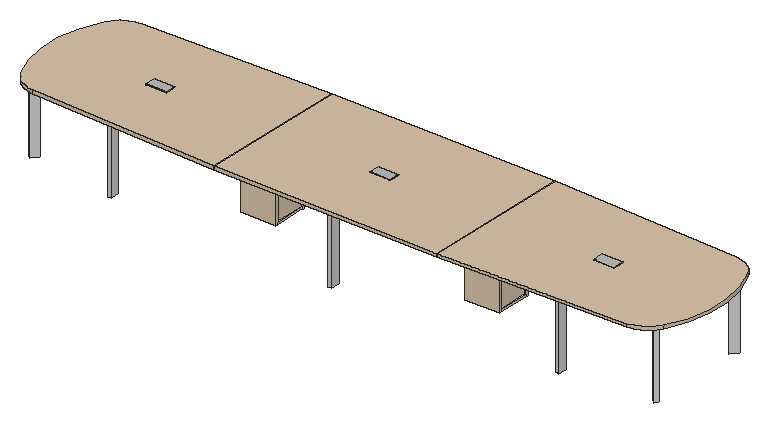
Revit family "Haworth_Planes_ConferenceTable_PebbleThreePiece", category Furniture Systems, Revit 2018
Family settings
  Round Connector Dimension = Use Diameter
  Part Type = Normal
  OmniClass Number = 23.40.70.14.64.21
  OmniClass Title = Systems Furniture
  Work Plane-Based = No
  Always vertical = Yes
  Cut with Voids When Loaded = No
  Shared = No
  Room Calculation Point = No
Parameters (values of type "270w 60d")
  Worksurface Finish [instance] = Haworth _ Laminate _ Maple H-AE
  Worksurface Edge Finish [instance] = Haworth _ Laminate _ Maple H-AE
  Width = 270"
  Warranty = "http://www.haworth.com/resources/product-info/warranties"
  URL - Product = "http://www.haworth.com/products/tables/conference/planes"
  Trim Finish [instance] = Haworth _ Metal _ Brushed Aluminum
  Sustainability Info = "https://www.haworth.com/company-info/sustainability"
  Support Location Side = 10"  # constant formula
  Support Location FrontBack = 8 3/4"  # constant formula
  Opening Single Wide = no
  Opening Single = not(or(Opening Single Wide, Opening Double, Opening Double Wide))  # yes
  Opening Left/Right = not(Opening Center)  # no
  Opening Double Wide = no
  Opening Double = no
  Opening Center = yes
  Not Cable Base = not(Cable Base)  # no
  Model = "TARP"  # constant formula
  Min. Depth = 42"  # constant formula
  Side Middle Leg Control = Actual Width > 221"  # yes
  Middle Leg Control = not(and(Not Cable Base, Actual Width < 204"))  # yes
  Max. Depth = 60"  # constant formula
  URL = "www.haworth.com"
  Support Height = Actual Height - Table Thickness  # 27 13/16"
  Size [instance] = "Verify Final Dim. w/ Haworth"  # constant formula
  Revision Number = "1"  # constant formula
  Min/Max Width = "186-270 @ 6 in. increments"  # constant formula
  Standard Height = "29 in."  # constant formula
  Min. Width = 186"  # constant formula
  Max. Width = 270"  # constant formula
  Min. Height = 29"  # constant formula
  Max. Height = 29"  # constant formula
  Manufacturer = "Haworth"  # constant formula
  Third Width = Actual Width / 6  # 45"
  Fliptop Width = Cutout Width + 1/4"  # 8 1/4"
  Fliptop Side Vis. = and(Flip Top, [Opening Left/Right])  # no
  Fliptop Depth = Cutout Depth + 3/8"  # 4 3/8"
  Fliptop Center Vis. = and(Flip Top, Opening Center)  # yes
  Flip Top Finish = Haworth _ Paint _ Metallic Champagne
  Flip Top = yes
  Description = "Haworth Planes Conference Table - Pebble Three Piece - 270w 60d"
  Depth = 60"
  Cutout Width = if(or(Opening Single Wide, Opening Double Wide), 11", 8")  # 8"
  Cutout Side Offset = Actual Width / 12  # 22 1/2"
  Cutout Depth = if(or(Opening Double, Opening Double Wide), 7 11/16", 4")  # 4"
  Custom Size = not(and(or(Depth = 42", Depth = 48", Depth = 54", Depth = 60"), or(Width = 186", Width = 192", Width = 198", Width = 204", Width = 210", Width = 216", Width = 222", Width = 228", Width = 234", Width = 240", Width = 246", Width = 252", Width = 258", Width = 264", Width = 270")))  # no
  Center Leg Control = Not Cable Base  # no
  Cable Base Finish [instance] = Haworth _ Laminate _ Maple H-AE
  Cable Base = yes
  Author = "Haworth (Alias)"  # constant formula
  Assembly Code = "E2020200"
  Actual Width = if(Width > Max. Width, Max. Width, if(Width < Min. Width, Min. Width, Width))  # 270"
  Actual Height = 29"  # constant formula
  Table Thickness = 1 3/16"  # constant formula
  Standard Depths = "42, 48, 54, 60 in."  # constant formula
  Actual Depth = if(Depth > Max. Depth, Max. Depth, if(Depth < Min. Depth, Min. Depth, Depth))  # 60"
Reference planes (in)
  plane 1 "Center F/B": y = 8.84134
  plane 2 "Floor": z = 0
  plane 3 "Center L/R": x = 0
  plane 4 "Table Edge Left": x = -135
  plane 5 "Table Edge Right": x = 135
  plane 6 "Table Edge Back": y = -21.15866
  plane 7 "Table Edge Front": y = 38.84134
  plane 8 "Table Top": z = 29
  plane 9 "masking region": z = 27
  plane 10 "Left Middle Support": x = -90
  plane 11 "Right Middle Support": x = 90
  plane 12 "Ends Back Support Location": y = 30.09134
  plane 13 "Ends Front Support Location": y = -12.40866
  plane 14: z = 27.8125
  plane 15 "Left Seam": x = -45
  plane 16 "Right Seam": x = 45
  plane 17 "Leg 1": x = -125
  plane 18 "Leg 6": x = 125
  plane 19 "Back Leg 2": y = 34.40384
  plane 20 "Front Leg": y = -16.72116
  plane 21 "Back Leg 1": y = 36.09134
  plane 22 "Front Leg 1": y = -18.40866
  plane 23 "Fliptop Left 1": x = -112.5
  plane 24 "Fliptop Left2": x = -67.5
  plane 25 "Fliptop Left 3": x = -22.5
  plane 26 "Fliptop Right 3": x = 22.5
  plane 27 "Fliptop Right 2": x = 67.5
  plane 28 "Fliptop Right 1": x = 112.5
Dimensions and locks (in)
  "Actual Depth": plane 7 "Table Edge Front" to plane 6 "Table Edge Back"
  "Actual Width": plane 4 "Table Edge Left" to plane 5 "Table Edge Right"
  "Actual Height": plane 8 "Table Top" to level
  "Table Thickness": plane 8 "Table Top" to plane 14
  equal spacing: plane 4 "Table Edge Left", plane 10 "Left Middle Support", plane 15 "Left Seam", plane 3 "Center L/R", plane 16 "Right Seam", plane 11 "Right Middle Support", plane 5 "Table Edge Right"
  "Support Location Side": plane 4 "Table Edge Left" to plane 17 "Leg 1"
  "Support Location Side": plane 18 "Leg 6" to plane 5 "Table Edge Right"
  "Support Location FrontBack": plane 7 "Table Edge Front" to plane 12 "Ends Back Support Location"
  "Support Location FrontBack": plane 13 "Ends Front Support Location" to plane 6 "Table Edge Back"
  equal spacing: plane 7 "Table Edge Front", plane 1 "Center F/B", plane 6 "Table Edge Back"
  locked: plane 22 "Front Leg 1" to plane 6 "Table Edge Back" at 2.75
  locked: plane 21 "Back Leg 1" to plane 7 "Table Edge Front" at 2.75
  locked: plane 7 "Table Edge Front" to plane 19 "Back Leg 2" at 4.4375
  locked: plane 20 "Front Leg" to plane 6 "Table Edge Back" at 4.4375
  "Cutout Side Offset": plane 16 "Right Seam" to plane 27 "Fliptop Right 2"
  "Cutout Side Offset": plane 26 "Fliptop Right 3" to plane 16 "Right Seam"
  "Cutout Side Offset": plane 15 "Left Seam" to plane 25 "Fliptop Left 3"
  "Cutout Side Offset": plane 24 "Fliptop Left2" to plane 15 "Left Seam"
  "Cutout Side Offset": plane 4 "Table Edge Left" to plane 23 "Fliptop Left 1"
  "Cutout Side Offset": plane 28 "Fliptop Right 1" to plane 5 "Table Edge Right"
  aligned and locked: plane 17 "Leg 1" to nested 1
  aligned and locked: nested 2 to plane 17 "Leg 1"
  aligned and locked: plane 18 "Leg 6" to nested 3
  aligned and locked: nested 4 to plane 18 "Leg 6"
  aligned and locked: nested 11 to plane 11 "Right Middle Support"
  aligned and locked: nested 14 to plane 16 "Right Seam"
  aligned and locked: plane 3 "Center L/R" to nested 9
  aligned and locked: plane 15 "Left Seam" to nested 7
  aligned and locked: plane 10 "Left Middle Support" to nested 5
  aligned and locked: plane 10 "Left Middle Support" to nested 6
  aligned and locked: plane 15 "Left Seam" to nested 8
  aligned and locked: plane 3 "Center L/R" to nested 10
  aligned and locked: nested 13 to plane 16 "Right Seam"
  aligned and locked: nested 12 to plane 11 "Right Middle Support"
  aligned and locked: plane 1 "Center F/B" to nested 15
  aligned and locked: plane 1 "Center F/B" to nested 16
  aligned and locked: nested 16 to plane 16 "Right Seam"
  aligned and locked: plane 15 "Left Seam" to nested 15
  aligned and locked: nested 1 to plane 2 "Floor"
  aligned and locked: plane 2 "Floor" to nested 2  (x3)
  aligned and locked: plane 2 "Floor" to nested 1  (x2)
  aligned and locked: nested 5 to plane 2 "Floor"
  aligned and locked: nested 6 to plane 2 "Floor"
  aligned and locked: plane 2 "Floor" to nested 5
  aligned and locked: plane 2 "Floor" to nested 6
  aligned and locked: nested 15 to plane 2 "Floor"  (x2)
  aligned and locked: plane 2 "Floor" to nested 15  (x2)
  aligned and locked: nested 10 to plane 2 "Floor"
  aligned and locked: plane 2 "Floor" to nested 9
  aligned and locked: plane 2 "Floor" to nested 10
  aligned and locked: nested 16 to plane 2 "Floor"
  aligned and locked: plane 2 "Floor" to nested 14
  aligned and locked: plane 2 "Floor" to nested 11
  aligned and locked: plane 2 "Floor" to nested 12
  aligned and locked: nested 4 to plane 2 "Floor"  (x3)
  aligned and locked: plane 2 "Floor" to nested 3
  aligned and locked: nested 3 to plane 2 "Floor"  (x2)
  aligned and locked: nested 3 to plane 12 "Ends Back Support Location"
  aligned and locked: plane 13 "Ends Front Support Location" to nested 4
  aligned and locked: nested 1 to plane 13 "Ends Front Support Location"
  aligned and locked: plane 12 "Ends Back Support Location" to nested 2
  aligned and locked: plane 22 "Front Leg 1" to nested 7
  aligned and locked: plane 22 "Front Leg 1" to nested 9
  aligned and locked: nested 14 to plane 22 "Front Leg 1"
  aligned and locked: nested 12 to plane 19 "Back Leg 2"
  aligned and locked: nested 13 to plane 21 "Back Leg 1"
  aligned and locked: plane 21 "Back Leg 1" to nested 10
  aligned and locked: nested 8 to plane 21 "Back Leg 1"
  aligned and locked: nested 6 to plane 19 "Back Leg 2"
  aligned and locked: plane 28 "Fliptop Right 1" to nested 19
  aligned and locked: plane 1 "Center F/B" to nested 19
  aligned and locked: nested 18 to plane 11 "Right Middle Support"
  aligned and locked: plane 1 "Center F/B" to nested 18
  aligned and locked: nested 20 to plane 27 "Fliptop Right 2"
  aligned and locked: plane 1 "Center F/B" to nested 20
  aligned and locked: plane 1 "Center F/B" to nested 21
  aligned and locked: plane 26 "Fliptop Right 3" to nested 21
  aligned and locked: plane 3 "Center L/R" to nested 22
  aligned and locked: plane 1 "Center F/B" to nested 22
  aligned and locked: plane 25 "Fliptop Left 3" to nested 23
  aligned and locked: plane 1 "Center F/B" to nested 23
  aligned and locked: plane 24 "Fliptop Left2" to nested 24
  aligned and locked: plane 1 "Center F/B" to nested 24
  aligned and locked: plane 10 "Left Middle Support" to nested 25
  aligned and locked: plane 1 "Center F/B" to nested 25
  aligned and locked: nested 26 to plane 23 "Fliptop Left 1"
  aligned and locked: plane 1 "Center F/B" to nested 26
  aligned and locked: nested 17 to plane 3 "Center L/R"
  aligned and locked: nested 17 to plane 1 "Center F/B"
  aligned and locked: nested 17 to plane 2 "Floor"
  aligned and locked: plane 20 "Front Leg" to nested 5
  aligned and locked: nested 11 to plane 20 "Front Leg"
Nested families (in)
  nested 1: "Haworth_Worksurface-Support_Part-Leg" at (-133.5, 10.45565, 0), type "Support"
  nested 2: "Haworth_Worksurface-Support_Part-Leg" at (-133.5, 7.22703, 0), type "Support"
  nested 3: "Haworth_Worksurface-Support_Part-Leg" at (133.5, 7.22703, 0) x (-1, 0, 0) z (0, 0, 1), type "Support"
  nested 4: "Haworth_Worksurface-Support_Part-Leg" at (133.5, 10.45565, 0) x (-1, 0, 0) z (0, 0, 1), type "Support"
  nested 5: "Haworth_Worksurface-Support_Part-Leg" at (-98.5, 6.14315, 0), visible <- "Side Middle Leg Control", type "Middle Support"
  nested 6: "Haworth_Worksurface-Support_Part-Leg" at (-98.5, 54.01815, 0), visible <- "Side Middle Leg Control", type "Middle Support"
  nested 7: "Haworth_Worksurface-Support_Part-Leg" at (-53.5, 4.45565, 0), visible <- "Center Leg Control", type "Middle Support"
  nested 8: "Haworth_Worksurface-Support_Part-Leg" at (-53.5, 55.70565, 0), visible <- "Center Leg Control", type "Middle Support"
  nested 9: "Haworth_Worksurface-Support_Part-Leg" at (-8.5, 4.45565, 0), visible <- "Middle Leg Control", type "Middle Support"
  nested 10: "Haworth_Worksurface-Support_Part-Leg" at (-8.5, 55.70565, 0), visible <- "Middle Leg Control", type "Middle Support"
  nested 11: "Haworth_Worksurface-Support_Part-Leg" at (98.5, 6.14315, 0) x (-1, 0, 0) z (0, 0, 1), visible <- "Side Middle Leg Control", type "Middle Support"
  nested 12: "Haworth_Worksurface-Support_Part-Leg" at (98.5, 54.01815, 0) x (-1, 0, 0) z (0, 0, 1), visible <- "Side Middle Leg Control", type "Middle Support"
  nested 13: "Haworth_Worksurface-Support_Part-Leg" at (53.5, 55.70565, 0) x (-1, 0, 0) z (0, 0, 1), visible <- "Center Leg Control", type "Middle Support"
  nested 14: "Haworth_Worksurface-Support_Part-Leg" at (53.5, 4.45565, 0) x (-1, 0, 0) z (0, 0, 1), visible <- "Center Leg Control", type "Middle Support"
  nested 15: "Haworth_Planes_CableBase" at (-45, 5.21634, 0), visible <- "Cable Base", type "Base"
    with Actual Depth 14", 8 x 14 no, 14 x 14 yes
  nested 16: "Haworth_Planes_CableBase" at (45, 5.21634, 0), visible <- "Cable Base", type "Base"
    with Actual Depth 14", 8 x 14 no, 14 x 14 yes
  nested 17: "Haworth_Planes_Worksurface_Pebble_3Piece_PART" at (0, -6.15866, 0), type "Worksurface"
  nested 18: "Haworth_Worksurface_FlipTop_Unit_Part" at (89.42963, 8.78886, 29), built-in parameter 1001364 <- "Actual Height", visible <- "Fliptop Center Vis.", type "Flip Top"
  nested 19: "Haworth_Worksurface_FlipTop_Unit_Part" at (111.92963, 8.78886, 29), built-in parameter 1001364 <- "Actual Height", visible <- "Fliptop Side Vis.", type "Flip Top"
  nested 20: "Haworth_Worksurface_FlipTop_Unit_Part" at (66.92963, 8.78886, 29), built-in parameter 1001364 <- "Actual Height", visible <- "Fliptop Side Vis.", type "Flip Top"
  nested 21: "Haworth_Worksurface_FlipTop_Unit_Part" at (21.92963, 8.78886, 29), built-in parameter 1001364 <- "Actual Height", visible <- "Fliptop Side Vis.", type "Flip Top"
  nested 22: "Haworth_Worksurface_FlipTop_Unit_Part" at (-0.57037, 8.78886, 29), built-in parameter 1001364 <- "Actual Height", visible <- "Fliptop Center Vis.", type "Flip Top"
  nested 23: "Haworth_Worksurface_FlipTop_Unit_Part" at (-23.07037, 8.78886, 29), built-in parameter 1001364 <- "Actual Height", visible <- "Fliptop Side Vis.", type "Flip Top"
  nested 24: "Haworth_Worksurface_FlipTop_Unit_Part" at (-68.07037, 8.78886, 29), built-in parameter 1001364 <- "Actual Height", visible <- "Fliptop Side Vis.", type "Flip Top"
  nested 25: "Haworth_Worksurface_FlipTop_Unit_Part" at (-90.57037, 8.78886, 29), built-in parameter 1001364 <- "Actual Height", visible <- "Fliptop Center Vis.", type "Flip Top"
  nested 26: "Haworth_Worksurface_FlipTop_Unit_Part" at (-113.07037, 8.78886, 29), built-in parameter 1001364 <- "Actual Height", visible <- "Fliptop Side Vis.", type "Flip Top"
Definition of nested family "Haworth_Worksurface-Support_Part-Leg"
  Parameters (values of type "Support")
    Top Thickness = 1 3/16"
    Support Post Standard = no
    Support Post 45 Degree = yes
    Support Height = Actual Height - Top Thickness  # 27 13/16"
    Model = "Worksurface"
    Worksurface Height = 29"
    Warranty = "www.haworth.com/en-us/Products/Pages/Certifications.aspx"
    URL - Product = "www.haworth.com/en-us/Products/Furniture/Systems/Desking-Systems/Pages/Compose.aspx"
    URL = "www.haworth.com"
    Sustainability Info = "www.haworth.com/en-us/About-Us/Sustainability/Pages/Vision.aspx"
    Support Finish = none
    Size = "Verify Final Dim. w/ Haworth"  # constant formula
    Revision Number = "1"  # constant formula
    Min/Max Height = "26-32 in."  # constant formula
    Min. Height = 20"  # constant formula
    Max. Height = 48"  # constant formula
    Manufacturer = "Haworth"  # constant formula
    LEED Data = "www.haworth.com/_layouts/Haworth.ProductCatalog/Handlers/GetAsset.ashx/ComposeLEEDContributions.pdf?cid=27&rid=1824&type=Leed"
    Description = "Worksurface Support"  # constant formula
    Author = "SHAPE Environments, LLC"  # constant formula
    Assembly Code = "E2020200"
    Actual Top Thickness = if(Top Thickness > 3", 3", if(Top Thickness < 1", 1", Top Thickness))  # 1 3/16"
    Actual Height = 29"
  Types (2): name | Support Post Standard | Support Post 45 Degree
    Support | no | yes
    Middle Support | yes | no
  Reference planes (in)
    plane 1: z = 0
    plane 2 "Center L/R": x = 8.5
    plane 3 "Support Top": z = 27.8125
    plane 4 "Center F/B": y = -21.23931
    plane 5: through (9.11872, -19.55993, 48) normal (0.7071, 0.7071, 0)
    plane 6: through (6.82062, -21.85803, 48) normal (0.7071, 0.7071, 0)
    plane 7: y = -22.86431
    plane 8: y = -19.61431
  Forms (in)
    Extrusion 1, solid, material <- "Support Finish", visible <- "Support Post Standard"
      sketch origin (0, 0, 0) x (1, 0, 0) y (0, 1, 0)
        loop
          line (7.75, -22.86431) -> (9.25, -22.86431) -> (9.25, -19.61431) -> (7.75, -19.61431) -> (7.75, -22.86431)
      from 0 to 27.8125
    Extrusion 2, solid, material <- "Support Finish", visible <- "Support Post 45 Degree"
      sketch origin (17.50805, -0.21044, 0) x (0.707107, -0.707107, 0) y (0.707107, 0.707107, 0)
        loop
          line (7.75, -22.86431) -> (9.25, -22.86431) -> (9.25, -19.61431) -> (7.75, -19.61431) -> (7.75, -22.86431)
      from 0 to 27.8125
  Lines and regions (in)
    symbolic lines, visible <- "Support Post Standard", detail levels fine
      curve 1: line (7.75, -19.61431, 0) -> (9.25, -19.61431, 0)
      curve 2: line (7.75, -22.86431, 0) -> (7.75, -19.61431, 0)
      curve 3: line (9.25, -22.86431, 0) -> (7.75, -22.86431, 0)
      curve 4: line (9.25, -19.61431, 0) -> (9.25, -22.86431, 0)
    symbolic lines, visible <- "Support Post 45 Degree", detail levels fine
      curve 5: line (6.82062, -21.85803, 0) -> (9.11872, -19.55993, 0)
      curve 6: line (9.11872, -19.55993, 0) -> (10.17938, -20.62059, 0)
      curve 7: line (10.17938, -20.62059, 0) -> (7.88128, -22.91869, 0)
      curve 8: line (7.88128, -22.91869, 0) -> (6.82062, -21.85803, 0)
  Dimensions and locks (in)
    "Support Height": plane 3 "Support Top" to level
    aligned and locked: plane 3 "Support Top" to Extrusion 1
    aligned and locked: plane 3 "Support Top" to Extrusion 2
  Automatic sketch dimensions
    Extrusion 1 sketch curve to plane 4 "Center F/B" = 1 5/8"
    plane 2 "Center L/R" to Extrusion 1 sketch curve = 3/4"
    Extrusion 1 sketch curve to plane 2 "Center L/R" = 3/4"
    plane 4 "Center F/B" to Extrusion 1 sketch curve = 1 5/8"
    plane 2 "Center L/R" to Extrusion 2 sketch curve = 0.61872"
    Extrusion 2 sketch curve to plane 4 "Center F/B" = 1.67938"
    Extrusion 2 sketch curve to Extrusion 2 sketch curve = 1 1/2"
    Extrusion 2 sketch curve to Extrusion 2 sketch curve = 3 1/4"
    plane 4 "Center F/B" to curve 5 = 0.61872"
    curve 2 to plane 2 "Center L/R" = 3/4"
    curve 2 to curve 7 = 0.13128"
    plane 2 "Center L/R" to curve 6 = 0.61872"
    curve 5 to curve 4 = 0.13128"
    curve 6 to plane 4 "Center F/B" = 0.61872"
    curve 1 to curve 6 = 0.92938"
    curve 7 to curve 2 = 0.05438"
    curve 1 to curve 5 = 0.05438"
Definition of nested family "Haworth_Planes_CableBase"
  Parameters
    Warranty = "www.haworth.com/en-us/Products/Pages/Certifications.aspx"
    URL - Product = "www.haworth.com/en-us/Products/Furniture/Tables/Conference-Ancillary/Pages/Planes.aspx"
    URL = "www.haworth.com"
    Sustainability Info = "www.haworth.com/en-us/About-Us/Sustainability/Pages/Vision.aspx"
    Size = "Verify Final Dim. w/ Haworth"  # constant formula
    Revision Number = "2"  # constant formula
    Model = "Haworth_Planes-Cable_Base"  # constant formula
    Min. Height = 27 13/16"  # constant formula
    Max. Height = 27 13/16"  # constant formula
    Manufacturer = "Haworth"  # constant formula
    LEED Data = "www.haworth.com/_layouts/Haworth.ProductCatalog/Handlers/GetAsset.ashx/PlanesLEEDContributions.pdf?cid=187&rid=1508&type=Leed"
    Description = "Haworth_Planes-Cable_Base"
    Base Finish = none
    Author = "SHAPE Environments, LLC"  # constant formula
    Assembly Code = "E2020200"
    Actual Width = 14"  # constant formula
    Actual Height = 27 13/16"
    Actual Depth = if([8 x 14], 8", 14")  # 8"
    8 x 14 = not([14 x 14])  # yes
    14 x 14 = no
  Reference planes (in)
    plane 1 "Center F/B": y = 3.625
    plane 2: z = 0
    plane 3 "Center L/R": x = 0
    plane 4 "Left": x = -7
    plane 5 "Right": x = 7
    plane 6 "Front": y = -0.375
    plane 7 "Top": z = 27.8125
    plane 8 "Back": y = 7.625
    plane 9: y = 6.875
    plane 10: x = 6.25
    plane 11: x = -6.25
    plane 12: y = 0.375
    plane 13: z = 27.0625
  Forms (in)
    Extrusion 1, solid, material <- "Base Finish"
      sketch origin (0, 0, 0) x (1, 0, 0) y (0, 1, 0)
        loop
          line (-7, 7.625) -> (-7, 6.875) -> (7, 6.875) -> (7, 7.625) -> (-7, 7.625)
        loop
          line (-7, 0.375) -> (-7, -0.375) -> (7, -0.375) -> (7, 0.375) -> (-7, 0.375)
      from 0 to 27.8125
    Extrusion 2, solid, material <- "Base Finish"
      sketch origin (0, 0, 0) x (1, 0, 0) y (0, 1, 0)
        loop
          line (-6.25, 6.875) -> (-6.25, 0.375) -> (-5.5, 0.375) -> (-5.5, 6.875) -> (-6.25, 6.875)
        loop
          line (6.25, 6.875) -> (5.5, 6.875) -> (5.5, 0.375) -> (6.25, 0.375) -> (6.25, 6.875)
      from 0 to 27.0625
    Extrusion 3, solid, material <- "Base Finish"
      sketch origin (0, 0, 0) x (1, 0, 0) y (0, 1, 0)
        loop
          line (-7, 6.875) -> (-7, 0.375) -> (7, 0.375) -> (7, 6.875) -> (-7, 6.875)
        loop
          line (-4, 4.625) -> (-4, 2.625) -> (4, 2.625) -> (4, 4.625) -> (-4, 4.625)
      from 0 to 0.75
  Cuts and joins
    joined: Extrusion 2, Extrusion 3
  Lines and regions (in)
    Masking region 1, detail levels fine
      outline origin (0, 0, 0) x (1, 0, 0) y (0, 1, 0)
        loop
          line (-7, 7.625) -> (-7, -0.375) -> (7, -0.375) -> (7, 7.625) -> (-7, 7.625)
        loop
          line (-4, 4.625) -> (-4, 2.625) -> (4, 2.625) -> (4, 4.625) -> (-4, 4.625)
  Dimensions and locks (in)
    equal spacing: plane 8 "Back", plane 1 "Center F/B", plane 6 "Front"
    "Actual Depth": plane 8 "Back" to plane 6 "Front"
    equal spacing: plane 4 "Left", plane 3 "Center L/R", plane 5 "Right"
    "Actual Width": plane 4 "Left" to plane 5 "Right"
    "Actual Height": plane 7 "Top" to level
    locked: plane 4 "Left" to plane 11 at 0.75
    locked: plane 10 to plane 5 "Right" at 0.75
    locked: plane 8 "Back" to plane 9 at 0.75
    locked: plane 12 to plane 6 "Front" at 0.75
    locked: plane 7 "Top" to plane 13 at 0.75
    Extrusion 2 sketch curve to plane 10 = 3/4"
    plane 11 to Extrusion 2 sketch curve = 3/4"
    Extrusion 3 sketch curve to plane 6 "Front" = 3"
    Extrusion 3 sketch curve to plane 8 "Back" = 3"
    plane 4 "Left" to Extrusion 3 sketch curve = 3"
    Extrusion 3 sketch curve to plane 5 "Right" = 3"
    aligned and locked: plane 4 "Left" to Extrusion 1 sketch curve  (x2)
    aligned and locked: Extrusion 1 sketch curve to plane 8 "Back"
    aligned and locked: plane 9 to Extrusion 1 sketch curve
    aligned and locked: plane 5 "Right" to Extrusion 1 sketch curve  (x2)
    aligned and locked: plane 6 "Front" to Extrusion 1 sketch curve
    aligned and locked: Extrusion 1 sketch curve to plane 12
    aligned and locked: plane 7 "Top" to Extrusion 1
    aligned and locked: plane 11 to Extrusion 2 sketch curve
    aligned and locked: Extrusion 2 sketch curve to plane 9
    aligned and locked: plane 12 to Extrusion 2 sketch curve  (x2)
    aligned and locked: plane 10 to Extrusion 2 sketch curve
    aligned and locked: plane 9 to Extrusion 2 sketch curve
    aligned and locked: plane 13 to Extrusion 2
    aligned and locked: Extrusion 1 to Extrusion 3 sketch curve
    aligned and locked: Extrusion 3 sketch curve to Extrusion 1
    aligned and locked: Masking region 1 sketch curve to Extrusion 3  (x5)
    aligned and locked: Masking region 1 sketch curve to Extrusion 1
    aligned and locked: Extrusion 1 to Masking region 1 sketch curve
    aligned and locked: Extrusion 3 to Masking region 1 sketch curve
    aligned and locked: plane 12 to Extrusion 3 sketch curve
    aligned and locked: Extrusion 3 sketch curve to plane 9
Definition of nested family "Haworth_Planes_Worksurface_Pebble_3Piece_PART"
  Parameters (values of type "Worksurface")
    Warranty = "https://www.haworth.com/resources/product-info/warranties"
    URL - Product = ""
    URL = "www.haworth.com"
    Thickness = 1 3/16"
    Table Finish = none
    Table Edge Finish = none
    Revision Number = ""
    Note = "Verify Final Dim. w/ Haworth"  # constant formula
    Manufacturer = "Haworth"  # constant formula
    Depth 60 = and(Actual Depth > 57", Actual Depth < 61")  # yes
    Depth 54 = and(Actual Depth > 51", Actual Depth < 58")  # no
    Depth 48 = and(Actual Depth > 45", Actual Depth < 52")  # no
    Depth 42 = and(Actual Depth > 41", Actual Depth < 46")  # no
    Cutout Width = 8"  # constant formula
    Cutout Dimension = 3"  # constant formula
    Cutout Depth = 4"  # constant formula
    Author = "Haworth (Alias)"  # constant formula
    Assembly Code = ""
    Actual Width = 270"
    Actual Height = 29"
    Actual Depth = 60"
  Reference planes (in)
    plane 1 "Center F/B": y = 15
    plane 2 "Bottom": z = 0
    plane 3 "Center L/R": x = 0
    plane 4 "Table Front": y = 45
    plane 5 "Table Right": x = 135
    plane 6 "Table Left": x = -135
    plane 7 "Table Back": y = -15
    plane 8 "Table Top": z = 29
    plane 9 "Table Bottom": z = 27.8125
    plane 10 "Cutout Top": z = 30
    plane 11 "Cutout Bottom": z = 27
    plane 12 "KnifeEdge Middle": z = 28.625
  Dimensions and locks (in)
    "Actual Depth": plane 7 "Table Back" to plane 4 "Table Front"
    "Actual Width": plane 6 "Table Left" to plane 5 "Table Right"
    equal spacing: plane 6 "Table Left", plane 3 "Center L/R", plane 5 "Table Right"
    equal spacing: plane 4 "Table Front", plane 1 "Center F/B", plane 7 "Table Back"
    "Thickness": plane 8 "Table Top" to plane 9 "Table Bottom"
    "Actual Height": plane 8 "Table Top" to level
    "Cutout Dimension": plane 10 "Cutout Top" to plane 11 "Cutout Bottom"
    plane 10 "Cutout Top" to plane 8 "Table Top" = 1"
    locked: plane 8 "Table Top" to plane 12 "KnifeEdge Middle" at 0.375
    aligned and locked: plane 3 "Center L/R" to nested 2
    aligned and locked: plane 3 "Center L/R" to nested 1
    aligned and locked: plane 3 "Center L/R" to nested 3
    aligned and locked: plane 3 "Center L/R" to nested 4
    aligned and locked: plane 1 "Center F/B" to nested 2
    aligned and locked: plane 1 "Center F/B" to nested 1
    aligned and locked: plane 1 "Center F/B" to nested 3
    aligned and locked: plane 1 "Center F/B" to nested 4
  Nested families (in)
    nested 1: "Haworth_Planes_Worksurface_Pebble54_3Pieces_Part" at (0, 0, 0), visible <- "Depth 54", type "Worksurface"
      with Width 270", Center Cutout Offset 45", Actual Width 270", 270w yes, 186w no
    nested 2: "Haworth_Planes_Worksurface_Pebble60_3Pieces_Part" at (0, 0, 0), visible <- "Depth 60", type "Worksurface"
      with Width 270", Center Cutout Offset 45", Actual Width 270", 270w yes, 186w no
    nested 3: "Haworth_Planes_Worksurface_Pebble48_3Pieces_Part" at (0, 0, 0), visible <- "Depth 48", type "Worksurface"
      with Width 270", Center Cutout Offset 45", Actual Width 270", 270w yes, 186w no
    nested 4: "Haworth_Planes_Worksurface_Pebble42_3Pieces_Part" at (0, 0, 0), visible <- "Depth 42", type "Worksurface"
      with Width 270", Center Cutout Offset 45", Actual Width 270", 270w yes, 186w no
  Definition of nested family "Haworth_Planes_Worksurface_Pebble54_3Pieces_Part"
    Parameters (values of type "Worksurface")
      Width = 180"
      Warranty = "https://www.haworth.com/resources/product-info/warranties"
      URL - Product = ""
      URL = "www.haworth.com"
      Thickness = 1 3/16"
      Table Finish = none
      Table Edge Finish = none
      Revision Number = ""
      Note = "Verify Final Dim. w/ Haworth"  # constant formula
      Min. Width = 186"  # constant formula
      Min. Depth = 54"  # constant formula
      Max. Width = 270"  # constant formula
      Max. Depth = 54"  # constant formula
      Manufacturer = "Haworth"  # constant formula
      Depth = 54"  # constant formula
      Cutout Width = 8"  # constant formula
      Cutout Dimension = 3"  # constant formula
      Cutout Depth = 4"  # constant formula
      Center Cutout Offset = Actual Width / 6  # 31"
      Author = "Haworth (Alias)"  # constant formula
      Assembly Code = ""
      Actual Width = if(Width < Min. Width, Min. Width, if(Width > Max. Width, Max. Width, Width))  # 186"
      Actual Height = 29"
      Actual Depth = if(Depth > Max. Depth, Max. Depth, if(Depth < Min. Depth, Min. Depth, Depth))  # 54"
      270w = and(267" < Actual Width, Actual Width < 271")  # no
      264w = and(261" < Actual Width, Actual Width < 268")  # no
      258w = and(255" < Actual Width, Actual Width < 262")  # no
      252w = and(249" < Actual Width, Actual Width < 256")  # no
      246w = and(243" < Actual Width, Actual Width < 250")  # no
      240w = and(237" < Actual Width, Actual Width < 244")  # no
      234w = and(231" < Actual Width, Actual Width < 238")  # no
      228w = and(225" < Actual Width, Actual Width < 232")  # no
      222w = and(219" < Actual Width, Actual Width < 226")  # no
      216w = and(213" < Actual Width, Actual Width < 220")  # no
      210w = and(207" < Actual Width, Actual Width < 214")  # no
      204w = and(201" < Actual Width, Actual Width < 208")  # no
      198w = and(195" < Actual Width, Actual Width < 202")  # no
      192w = and(189" < Actual Width, Actual Width < 196")  # no
      186w = and(185" < Actual Width, Actual Width < 190")  # yes
    Reference planes (in)
      plane 1 "Center F/B": y = 15
      plane 2 "Bottom": z = 0
      plane 3 "Center L/R": x = 0
      plane 4 "Table Top": z = 29
      plane 5 "Table Bottom": z = 27.8125
      plane 6 "Cutout Top": z = 30
      plane 7 "Cutout Bottom": z = 27
      plane 8 "KnifeEdge Middle": z = 28.625
    Forms (in)
      Extrusion 1, solid, material <- "Table Finish", visible <- "186w"
        sketch origin (-305.97381, -90.60307, 0) x (1, 0, 0) y (0, 1, 0)
          loop
            arc (226.58168, 81.28787) -> (250.82287, 79.35532) -> (275.13381, 78.76561) r 439.79367
            line (275.13381, 78.76561) -> (275.13381, 132.44053)
            arc (275.13381, 132.44053) -> (250.82287, 131.85082) -> (226.58168, 129.91827) r 439.79367
            arc (226.58168, 129.91827) -> (220.63545, 127.56442) -> (216.74271, 122.49047) r 12
            arc (216.74271, 122.49047) -> (213.45381, 105.60307) -> (216.74271, 88.71567) r 45
            arc (216.74271, 88.71567) -> (220.63545, 83.64172) -> (226.58168, 81.28787) r 12
          loop
            arc (336.81381, 78.76561) -> (361.12475, 79.35532) -> (385.36594, 81.28787) r 439.79367
            arc (385.36594, 81.28787) -> (391.31218, 83.64172) -> (395.20491, 88.71567) r 12
            arc (395.20491, 88.71567) -> (398.49381, 105.60307) -> (395.20491, 122.49047) r 45
            arc (395.20491, 122.49047) -> (391.31218, 127.56442) -> (385.36594, 129.91827) r 12
            arc (385.36594, 129.91827) -> (361.12475, 131.85082) -> (336.81381, 132.44053) r 439.79367
            line (336.81381, 132.44053) -> (336.81381, 78.76561)
        from 27.8125 to 29
      Extrusion 2, solid, material <- "Table Finish", visible <- "192w"
        sketch origin (-305.63818, -149.45142, 0) x (1, 0, 0) y (0, 1, 0)
          loop
            arc (213.4076, 181.34011) -> (210.11818, 164.45142) -> (213.4076, 147.56274) r 45
            arc (213.4076, 147.56274) -> (217.32199, 142.47272) -> (223.30033, 140.1296) r 12
            arc (223.30033, 140.1296) -> (248.51597, 138.20359) -> (273.79818, 137.61377) r 478.03208
            line (273.79818, 137.61377) -> (273.79818, 191.28908)
            arc (273.79818, 191.28908) -> (248.51597, 190.69926) -> (223.30033, 188.77325) r 478.03208
            arc (223.30033, 188.77325) -> (217.32199, 186.43013) -> (213.4076, 181.34011) r 12
          loop
            arc (337.47818, 137.61377) -> (362.76039, 138.20359) -> (387.97603, 140.1296) r 478.03208
            arc (387.97603, 140.1296) -> (393.95437, 142.47272) -> (397.86876, 147.56274) r 12
            arc (397.86876, 147.56274) -> (401.15818, 164.45142) -> (397.86876, 181.34011) r 45
            arc (397.86876, 181.34011) -> (393.95437, 186.43013) -> (387.97603, 188.77325) r 12
            arc (387.97603, 188.77325) -> (362.76039, 190.69926) -> (337.47818, 191.28908) r 478.03208
            line (337.47818, 191.28908) -> (337.47818, 137.61377)
        from 27.8125 to 29
      Extrusion 3, solid, material <- "Table Finish", visible <- "198w"
        sketch origin (-305.63818, -205.71285, 0) x (1, 0, 0) y (0, 1, 0)
          loop
            arc (210.40796, 237.60241) -> (207.11818, 220.71285) -> (210.40796, 203.82329) r 45
            arc (210.40796, 203.82329) -> (214.34224, 198.71852) -> (220.35005, 196.38539) r 12
            arc (220.35005, 196.38539) -> (246.54228, 194.46504) -> (272.79818, 193.87501) r 517.86972
            line (272.79818, 193.87501) -> (272.79818, 247.55069)
            arc (272.79818, 247.55069) -> (246.54228, 246.96066) -> (220.35005, 245.04031) r 517.86972
            arc (220.35005, 245.04031) -> (214.34224, 242.70719) -> (210.40796, 237.60241) r 12
          loop
            arc (338.47818, 193.87501) -> (364.73408, 194.46504) -> (390.92631, 196.38539) r 517.86972
            arc (390.92631, 196.38539) -> (396.93412, 198.71852) -> (400.8684, 203.82329) r 12
            arc (400.8684, 203.82329) -> (404.15818, 220.71285) -> (400.8684, 237.60241) r 45
            arc (400.8684, 237.60241) -> (396.93412, 242.70719) -> (390.92631, 245.04031) r 12
            arc (390.92631, 245.04031) -> (364.73408, 246.96066) -> (338.47818, 247.55069) r 517.86972
            line (338.47818, 247.55069) -> (338.47818, 193.87501)
        from 27.8125 to 29
      Extrusion 4, solid, material <- "Table Finish", visible <- "204w"
        sketch origin (-304.79798, -262.814, 0) x (1, 0, 0) y (0, 1, 0)
          loop
            arc (206.56798, 294.70412) -> (203.27798, 277.814) -> (206.56798, 260.92388) r 45
            arc (206.56798, 260.92388) -> (210.5206, 255.80552) -> (216.55557, 253.48172) r 12
            arc (216.55557, 253.48172) -> (243.72626, 251.56632) -> (270.95798, 250.97601) r 559.30658
            line (270.95798, 250.97601) -> (270.95798, 304.65199)
            arc (270.95798, 304.65199) -> (243.72626, 304.06168) -> (216.55557, 302.14628) r 559.30658
            arc (216.55557, 302.14628) -> (210.5206, 299.82248) -> (206.56798, 294.70412) r 12
          loop
            arc (338.63798, 250.97601) -> (365.86969, 251.56632) -> (393.04038, 253.48172) r 559.30658
            arc (393.04038, 253.48172) -> (399.07535, 255.80552) -> (403.02797, 260.92388) r 12
            arc (403.02797, 260.92388) -> (406.31798, 277.814) -> (403.02797, 294.70412) r 45
            arc (403.02797, 294.70412) -> (399.07535, 299.82248) -> (393.04038, 302.14628) r 12
            arc (393.04038, 302.14628) -> (365.86969, 304.06168) -> (338.63798, 304.65199) r 559.30658
            line (338.63798, 304.65199) -> (338.63798, 250.97601)
        from 27.8125 to 29
      Extrusion 5, solid, material <- "Table Finish", visible <- "210w"
        sketch origin (-304.79798, -318.65556, 0) x (1, 0, 0) y (0, 1, 0)
          loop
            arc (203.5681, 350.54598) -> (200.27798, 333.65556) -> (203.5681, 316.76515) r 45
            arc (203.5681, 316.76515) -> (207.5377, 311.63421) -> (213.59778, 309.31913) r 12
            arc (213.59778, 309.31913) -> (241.74857, 307.40808) -> (269.95798, 306.81743) r 602.34267
            line (269.95798, 306.81743) -> (269.95798, 360.4937)
            arc (269.95798, 360.4937) -> (241.74857, 359.90305) -> (213.59778, 357.99199) r 602.34267
            arc (213.59778, 357.99199) -> (207.5377, 355.67691) -> (203.5681, 350.54598) r 12
          loop
            arc (339.63798, 306.81743) -> (367.84738, 307.40808) -> (395.99818, 309.31913) r 602.34267
            arc (395.99818, 309.31913) -> (402.05826, 311.63421) -> (406.02785, 316.76515) r 12
            arc (406.02785, 316.76515) -> (409.31798, 333.65556) -> (406.02785, 350.54598) r 45
            arc (406.02785, 350.54598) -> (402.05826, 355.67691) -> (395.99818, 357.99199) r 12
            arc (395.99818, 357.99199) -> (367.84738, 359.90305) -> (339.63798, 360.4937) r 602.34267
            line (339.63798, 360.4937) -> (339.63798, 306.81743)
        from 27.8125 to 29
      Extrusion 6, solid, material <- "Table Finish", visible <- "216w"
        sketch origin (-304.80652, -375, 0) x (1, 0, 0) y (0, 1, 0)
          loop
            arc (200.57668, 406.45979) -> (197.28652, 389.56928) -> (200.57668, 372.67878) r 45
            arc (200.57668, 372.67878) -> (204.56202, 367.53619) -> (210.6454, 365.22928) r 12
            arc (210.6454, 365.22928) -> (239.77777, 363.32205) -> (268.96652, 362.73102) r 646.97799
            line (268.96652, 362.73102) -> (268.96652, 416.40754)
            arc (268.96652, 416.40754) -> (239.77777, 415.81651) -> (210.6454, 413.90928) r 646.97799
            arc (210.6454, 413.90928) -> (204.56202, 411.60238) -> (200.57668, 406.45979) r 12
          loop
            arc (340.64652, 362.73102) -> (369.83527, 363.32205) -> (398.96764, 365.22928) r 646.97799
            arc (398.96764, 365.22928) -> (405.05101, 367.53619) -> (409.03636, 372.67878) r 12
            arc (409.03636, 372.67878) -> (412.32652, 389.56928) -> (409.03636, 406.45979) r 45
            arc (409.03636, 406.45979) -> (405.05101, 411.60238) -> (398.96764, 413.90928) r 12
            arc (398.96764, 413.90928) -> (369.83527, 415.81651) -> (340.64652, 416.40754) r 646.97799
            line (340.64652, 416.40754) -> (340.64652, 362.73102)
        from 27.8125 to 29
      Extrusion 7, solid, material <- "Table Finish", visible <- "222w"
        sketch origin (-303.79135, -430.76939, 0) x (1, 0, 0) y (0, 1, 0)
          loop
            arc (196.56148, 462.65981) -> (193.27135, 445.76939) -> (196.56148, 428.87896) r 45
            arc (196.56148, 428.87896) -> (200.56149, 423.72553) -> (206.66652, 421.4263) r 12
            arc (206.66652, 421.4263) -> (236.78178, 419.52245) -> (266.95135, 418.93101) r 693.21253
            line (266.95135, 418.93101) -> (266.95135, 472.60776)
            arc (266.95135, 472.60776) -> (236.78178, 472.01632) -> (206.66652, 470.11248) r 693.21253
            arc (206.66652, 470.11248) -> (200.56149, 467.81325) -> (196.56148, 462.65981) r 12
          loop
            arc (340.63135, 418.93101) -> (370.80093, 419.52245) -> (400.91618, 421.4263) r 693.21253
            arc (400.91618, 421.4263) -> (407.02122, 423.72553) -> (411.02123, 428.87896) r 12
            arc (411.02123, 428.87896) -> (414.31135, 445.76939) -> (411.02123, 462.65981) r 45
            arc (411.02123, 462.65981) -> (407.02122, 467.81325) -> (400.91618, 470.11248) r 12
            arc (400.91618, 470.11248) -> (370.80093, 472.01632) -> (340.63135, 472.60776) r 693.21253
            line (340.63135, 472.60776) -> (340.63135, 418.93101)
        from 27.8125 to 29
      Extrusion 8, solid, material <- "Table Finish", visible <- "228w"
        sketch origin (-303.59217, -487.22586, 0) x (1, 0, 0) y (0, 1, 0)
          loop
            arc (193.36221, 519.11607) -> (190.07217, 502.22586) -> (193.36221, 485.33564) r 45
            arc (193.36221, 485.33564) -> (197.3759, 480.1721) -> (203.50114, 477.88009) r 12
            arc (203.50114, 477.88009) -> (234.60045, 475.97925) -> (265.75217, 475.38738) r 741.0463
            line (265.75217, 475.38738) -> (265.75217, 529.06434)
            arc (265.75217, 529.06434) -> (234.60045, 528.47246) -> (203.50114, 526.57163) r 741.0463
            arc (203.50114, 526.57163) -> (197.3759, 524.27962) -> (193.36221, 519.11607) r 12
          loop
            arc (341.43217, 475.38738) -> (372.58389, 475.97925) -> (403.6832, 477.88009) r 741.0463
            arc (403.6832, 477.88009) -> (409.80844, 480.1721) -> (413.82213, 485.33564) r 12
            arc (413.82213, 485.33564) -> (417.11217, 502.22586) -> (413.82213, 519.11607) r 45
            arc (413.82213, 519.11607) -> (409.80844, 524.27962) -> (403.6832, 526.57163) r 12
            arc (403.6832, 526.57163) -> (372.58389, 528.47246) -> (341.43217, 529.06434) r 741.0463
            line (341.43217, 529.06434) -> (341.43217, 475.38738)
        from 27.8125 to 29
      Extrusion 9, solid, material <- "Table Finish", visible <- "234w"
        sketch origin (-302.7499, -543.20476, 0) x (1, 0, 0) y (0, 1, 0)
          loop
            arc (189.51981, 575.09466) -> (186.2299, 558.20476) -> (189.51981, 541.31486) r 45
            arc (189.51981, 541.31486) -> (193.54629, 536.14186) -> (199.69042, 533.85667) r 12
            arc (199.69042, 533.85667) -> (231.77484, 531.95851) -> (263.9099, 531.36619) r 790.4793
            line (263.9099, 531.36619) -> (263.9099, 585.04333)
            arc (263.9099, 585.04333) -> (231.77484, 584.45101) -> (199.69042, 582.55286) r 790.4793
            arc (199.69042, 582.55286) -> (193.54629, 580.26766) -> (189.51981, 575.09466) r 12
          loop
            arc (341.5899, 531.36619) -> (373.72496, 531.95851) -> (405.80938, 533.85667) r 790.4793
            arc (405.80938, 533.85667) -> (411.95351, 536.14186) -> (415.97998, 541.31486) r 12
            arc (415.97998, 541.31486) -> (419.2699, 558.20476) -> (415.97998, 575.09466) r 45
            arc (415.97998, 575.09466) -> (411.95351, 580.26766) -> (405.80938, 582.55286) r 12
            arc (405.80938, 582.55286) -> (373.72496, 584.45101) -> (341.5899, 585.04333) r 790.4793
            line (341.5899, 585.04333) -> (341.5899, 531.36619)
        from 27.8125 to 29
      Extrusion 10, solid, material <- "Table Finish", visible <- "240w"
        sketch origin (-303.14346, -599.15381, 0) x (1, 0, 0) y (0, 1, 0)
          loop
            arc (186.91321, 631.0433) -> (183.62346, 614.15381) -> (186.91321, 597.26432) r 45
            arc (186.91321, 597.26432) -> (190.95169, 592.08246) -> (197.11352, 589.80369) r 12
            arc (197.11352, 589.80369) -> (230.184, 587.90793) -> (263.30346, 587.31515) r 841.51153
            line (263.30346, 587.31515) -> (263.30346, 640.99247)
            arc (263.30346, 640.99247) -> (230.184, 640.39969) -> (197.11352, 638.50393) r 841.51153
            arc (197.11352, 638.50393) -> (190.95169, 636.22516) -> (186.91321, 631.0433) r 12
          loop
            arc (342.98346, 587.31515) -> (376.10293, 587.90793) -> (409.17341, 589.80369) r 841.51153
            arc (409.17341, 589.80369) -> (415.33524, 592.08246) -> (419.37371, 597.26432) r 12
            arc (419.37371, 597.26432) -> (422.66346, 614.15381) -> (419.37371, 631.0433) r 45
            arc (419.37371, 631.0433) -> (415.33524, 636.22516) -> (409.17341, 638.50393) r 12
            arc (409.17341, 638.50393) -> (376.10293, 640.39969) -> (342.98346, 640.99247) r 841.51153
            line (342.98346, 640.99247) -> (342.98346, 587.31515)
        from 27.8125 to 29
      Extrusion 11, solid, material <- "Table Finish", visible <- "246w"
        sketch origin (-302.15763, -660.53693, 0) x (1, 0, 0) y (0, 1, 0)
          loop
            arc (182.92719, 692.42595) -> (179.63763, 675.53693) -> (182.92719, 658.64791) r 45
            arc (182.92719, 658.64791) -> (186.97693, 653.45773) -> (193.15538, 651.18504) r 12
            arc (193.15538, 651.18504) -> (227.21279, 649.29143) -> (261.31763, 648.6982) r 894.14298
            line (261.31763, 648.6982) -> (261.31763, 702.37567)
            arc (261.31763, 702.37567) -> (227.21279, 701.78243) -> (193.15538, 699.88882) r 894.14298
            arc (193.15538, 699.88882) -> (186.97693, 697.61613) -> (182.92719, 692.42595) r 12
          loop
            arc (342.99763, 648.6982) -> (377.10248, 649.29143) -> (411.15988, 651.18504) r 894.14298
            arc (411.15988, 651.18504) -> (417.33833, 653.45773) -> (421.38807, 658.64791) r 12
            arc (421.38807, 658.64791) -> (424.67763, 675.53693) -> (421.38807, 692.42595) r 45
            arc (421.38807, 692.42595) -> (417.33833, 697.61613) -> (411.15988, 699.88882) r 12
            arc (411.15988, 699.88882) -> (377.10248, 701.78243) -> (342.99763, 702.37567) r 894.14298
            line (342.99763, 702.37567) -> (342.99763, 648.6982)
        from 27.8125 to 29
      Extrusion 12, solid, material <- "Table Finish", visible <- "252w"
        sketch origin (-303.51172, -719.4057, 0) x (1, 0, 0) y (0, 1, 0)
          loop
            arc (181.28106, 751.29419) -> (177.99172, 734.4057) -> (181.28106, 717.5172) r 45
            arc (181.28106, 717.5172) -> (185.34141, 712.31919) -> (191.5355, 710.05226) r 12
            arc (191.5355, 710.05226) -> (226.58061, 708.16059) -> (261.67172, 707.56689) r 948.37366
            line (261.67172, 707.56689) -> (261.67172, 761.2445)
            arc (261.67172, 761.2445) -> (226.58061, 760.6508) -> (191.5355, 758.75913) r 948.37366
            arc (191.5355, 758.75913) -> (185.34141, 756.4922) -> (181.28106, 751.29419) r 12
          loop
            arc (345.35172, 707.56689) -> (380.44282, 708.16059) -> (415.48793, 710.05226) r 948.37366
            arc (415.48793, 710.05226) -> (421.68202, 712.31919) -> (425.74237, 717.5172) r 12
            arc (425.74237, 717.5172) -> (429.03172, 734.4057) -> (425.74237, 751.29419) r 45
            arc (425.74237, 751.29419) -> (421.68202, 756.4922) -> (415.48793, 758.75913) r 12
            arc (415.48793, 758.75913) -> (380.44282, 760.6508) -> (345.35172, 761.2445) r 948.37366
            line (345.35172, 761.2445) -> (345.35172, 707.56689)
        from 27.8125 to 29
      Extrusion 13, solid, material <- "Table Finish", visible <- "258w"
        sketch origin (-301.48059, -778.27446, 0) x (1, 0, 0) y (0, 1, 0)
          loop
            arc (176.24971, 810.16239) -> (172.96059, 793.27446) -> (176.24971, 776.38654) r 45
            arc (176.24971, 776.38654) -> (180.32006, 771.18115) -> (186.52889, 768.91968) r 12
            arc (186.52889, 768.91968) -> (222.56242, 767.02975) -> (258.64059, 766.43559) r 1004.20356
            line (258.64059, 766.43559) -> (258.64059, 820.11333)
            arc (258.64059, 820.11333) -> (222.56242, 819.51917) -> (186.52889, 817.62925) r 1004.20356
            arc (186.52889, 817.62925) -> (180.32006, 815.36778) -> (176.24971, 810.16239) r 12
          loop
            arc (344.32059, 766.43559) -> (380.39876, 767.02975) -> (416.43229, 768.91968) r 1004.20356
            arc (416.43229, 768.91968) -> (422.64113, 771.18115) -> (426.71148, 776.38654) r 12
            arc (426.71148, 776.38654) -> (430.00059, 793.27446) -> (426.71148, 810.16239) r 45
            arc (426.71148, 810.16239) -> (422.64113, 815.36778) -> (416.43229, 817.62925) r 12
            arc (416.43229, 817.62925) -> (380.39876, 819.51917) -> (344.32059, 820.11333) r 1004.20356
            line (344.32059, 820.11333) -> (344.32059, 766.43559)
        from 27.8125 to 29
      Extrusion 14, solid, material <- "Table Finish", visible <- "264w"
        sketch origin (-300.95179, -836.17506, 0) x (1, 0, 0) y (0, 1, 0)
          loop
            arc (172.72066, 868.06239) -> (169.43179, 851.17506) -> (172.72066, 834.28773) r 45
            arc (172.72066, 834.28773) -> (176.80046, 829.07537) -> (183.02321, 826.8191) r 12
            arc (183.02321, 826.8191) -> (220.04582, 824.93075) -> (257.11179, 824.33613) r 1061.63269
            line (257.11179, 824.33613) -> (257.11179, 878.01399)
            arc (257.11179, 878.01399) -> (220.04582, 877.41937) -> (183.02321, 875.53102) r 1061.63269
            arc (183.02321, 875.53102) -> (176.80046, 873.27474) -> (172.72066, 868.06239) r 12
          loop
            arc (344.79179, 824.33613) -> (381.85775, 824.93075) -> (418.88036, 826.8191) r 1061.63269
            arc (418.88036, 826.8191) -> (425.10312, 829.07537) -> (429.18291, 834.28773) r 12
            arc (429.18291, 834.28773) -> (432.47179, 851.17506) -> (429.18291, 868.06239) r 45
            arc (429.18291, 868.06239) -> (425.10312, 873.27474) -> (418.88036, 875.53102) r 12
            arc (418.88036, 875.53102) -> (381.85775, 877.41937) -> (344.79179, 878.01399) r 1061.63269
            line (344.79179, 878.01399) -> (344.79179, 824.33613)
        from 27.8125 to 29
      Extrusion 15, solid, material <- "Table Finish", visible <- "270w"
        sketch origin (-300.83545, -897.80155, 0) x (1, 0, 0) y (0, 1, 0)
          loop
            arc (169.60407, 929.68825) -> (166.31545, 912.80155) -> (169.60407, 895.91485) r 45
            arc (169.60407, 895.91485) -> (173.69281, 890.6959) -> (179.92873, 888.44456) r 12
            arc (179.92873, 888.44456) -> (217.94102, 886.55764) -> (255.99545, 885.96256) r 1120.66105
            line (255.99545, 885.96256) -> (255.99545, 939.64053)
            arc (255.99545, 939.64053) -> (217.94102, 939.04546) -> (179.92873, 937.15854) r 1120.66105
            arc (179.92873, 937.15854) -> (173.69281, 934.9072) -> (169.60407, 929.68825) r 12
          loop
            arc (345.67545, 885.96256) -> (383.72989, 886.55764) -> (421.74218, 888.44456) r 1120.66105
            arc (421.74218, 888.44456) -> (427.9781, 890.6959) -> (432.06683, 895.91485) r 12
            arc (432.06683, 895.91485) -> (435.35545, 912.80155) -> (432.06683, 929.68825) r 45
            arc (432.06683, 929.68825) -> (427.9781, 934.9072) -> (421.74218, 937.15854) r 12
            arc (421.74218, 937.15854) -> (383.72989, 939.04546) -> (345.67545, 939.64053) r 1120.66105
            line (345.67545, 939.64053) -> (345.67545, 885.96256)
        from 27.8125 to 29
      Extrusion 16, solid, material <- "Table Finish", visible <- "186w"
        sketch origin (-305.97381, -90.60307, 0) x (1, 0, 0) y (0, 1, 0)
          loop
            line (275.13381, 132.44053) -> (275.13381, 78.76561) -> (336.81381, 78.76561) -> (336.81381, 132.44053) -> (275.13381, 132.44053)
        from 27.8125 to 29
      Extrusion 17, solid, material <- "Table Finish", visible <- "192w"
        sketch origin (-305.63818, -149.45142, 0) x (1, 0, 0) y (0, 1, 0)
          loop
            line (273.79818, 191.28908) -> (273.79818, 137.61377) -> (337.47818, 137.61377) -> (337.47818, 191.28908) -> (273.79818, 191.28908)
        from 27.8125 to 29
      Extrusion 18, solid, material <- "Table Finish", visible <- "198w"
        sketch origin (-305.63818, -205.71285, 0) x (1, 0, 0) y (0, 1, 0)
          loop
            line (272.79818, 247.55069) -> (272.79818, 193.87501) -> (338.47818, 193.87501) -> (338.47818, 247.55069) -> (272.79818, 247.55069)
        from 27.8125 to 29
      Extrusion 19, solid, material <- "Table Finish", visible <- "204w"
        sketch origin (-304.79798, -262.814, 0) x (1, 0, 0) y (0, 1, 0)
          loop
            line (270.95798, 304.65199) -> (270.95798, 250.97601) -> (338.63798, 250.97601) -> (338.63798, 304.65199) -> (270.95798, 304.65199)
        from 27.8125 to 29
      Extrusion 20, solid, material <- "Table Finish", visible <- "210w"
        sketch origin (-304.79798, -318.65556, 0) x (1, 0, 0) y (0, 1, 0)
          loop
            line (269.95798, 360.4937) -> (269.95798, 306.81743) -> (339.63798, 306.81743) -> (339.63798, 360.4937) -> (269.95798, 360.4937)
        from 27.8125 to 29
      Extrusion 21, solid, material <- "Table Finish", visible <- "216w"
        sketch origin (-304.80652, -375, 0) x (1, 0, 0) y (0, 1, 0)
          loop
            line (268.96652, 416.40754) -> (268.96652, 362.73102) -> (340.64652, 362.73102) -> (340.64652, 416.40754) -> (268.96652, 416.40754)
        from 27.8125 to 29
      Extrusion 22, solid, material <- "Table Finish", visible <- "222w"
        sketch origin (-303.79135, -430.76939, 0) x (1, 0, 0) y (0, 1, 0)
          loop
            line (266.95135, 472.60776) -> (266.95135, 418.93101) -> (340.63135, 418.93101) -> (340.63135, 472.60776) -> (266.95135, 472.60776)
        from 27.8125 to 29
      Extrusion 23, solid, material <- "Table Finish", visible <- "228w"
        sketch origin (-303.59217, -487.22586, 0) x (1, 0, 0) y (0, 1, 0)
          loop
            line (265.75217, 529.06434) -> (265.75217, 475.38738) -> (341.43217, 475.38738) -> (341.43217, 529.06434) -> (265.75217, 529.06434)
        from 27.8125 to 29
      Extrusion 24, solid, material <- "Table Finish", visible <- "234w"
        sketch origin (-302.7499, -543.20476, 0) x (1, 0, 0) y (0, 1, 0)
          loop
            line (263.9099, 585.04333) -> (263.9099, 531.36619) -> (341.5899, 531.36619) -> (341.5899, 585.04333) -> (263.9099, 585.04333)
        from 27.8125 to 29
      Extrusion 25, solid, material <- "Table Finish", visible <- "240w"
        sketch origin (-303.14346, -599.15381, 0) x (1, 0, 0) y (0, 1, 0)
          loop
            line (263.30346, 640.99247) -> (263.30346, 587.31515) -> (342.98346, 587.31515) -> (342.98346, 640.99247) -> (263.30346, 640.99247)
        from 27.8125 to 29
      Extrusion 26, solid, material <- "Table Finish", visible <- "246w"
        sketch origin (-302.15763, -660.53693, 0) x (1, 0, 0) y (0, 1, 0)
          loop
            line (261.31763, 702.37567) -> (261.31763, 648.6982) -> (342.99763, 648.6982) -> (342.99763, 702.37567) -> (261.31763, 702.37567)
        from 27.8125 to 29
      Extrusion 27, solid, material <- "Table Finish", visible <- "252w"
        sketch origin (-303.51172, -719.4057, 0) x (1, 0, 0) y (0, 1, 0)
          loop
            line (261.67172, 761.2445) -> (261.67172, 707.56689) -> (345.35172, 707.56689) -> (345.35172, 761.2445) -> (261.67172, 761.2445)
        from 27.8125 to 29
      Extrusion 28, solid, material <- "Table Finish", visible <- "258w"
        sketch origin (-301.48059, -778.27446, 0) x (1, 0, 0) y (0, 1, 0)
          loop
            line (258.64059, 820.11333) -> (258.64059, 766.43559) -> (344.32059, 766.43559) -> (344.32059, 820.11333) -> (258.64059, 820.11333)
        from 27.8125 to 29
      Extrusion 29, solid, material <- "Table Finish", visible <- "264w"
        sketch origin (-300.95179, -836.17506, 0) x (1, 0, 0) y (0, 1, 0)
          loop
            line (257.11179, 878.01399) -> (257.11179, 824.33613) -> (344.79179, 824.33613) -> (344.79179, 878.01399) -> (257.11179, 878.01399)
        from 27.8125 to 29
      Extrusion 30, solid, material <- "Table Finish", visible <- "270w"
        sketch origin (-300.83545, -897.80155, 0) x (1, 0, 0) y (0, 1, 0)
          loop
            line (255.99545, 939.64053) -> (255.99545, 885.96256) -> (345.67545, 885.96256) -> (345.67545, 939.64053) -> (255.99545, 939.64053)
        from 27.8125 to 29
    Lines and regions (in)
      Masking region 1, visible <- "186w"
        outline origin (-305.97381, -90.60307, 0) x (1, 0, 0) y (0, 1, 0)
          loop
            arc (226.81269, 81.26307) -> (250.18991, 79.38866) -> (273.63381, 78.76307) r 439.79367
            line (273.63381, 78.76307) -> (338.31381, 78.76307)
            arc (338.31381, 78.76307) -> (361.75771, 79.38866) -> (385.13493, 81.26307) r 439.79367
            arc (385.13493, 81.26307) -> (391.2183, 83.56998) -> (395.20365, 88.71256) r 12
            arc (395.20365, 88.71256) -> (398.49381, 105.60307) -> (395.20365, 122.49357) r 45
            arc (395.20365, 122.49357) -> (391.2183, 127.63616) -> (385.13493, 129.94307) r 12
            arc (385.13493, 129.94307) -> (361.75772, 131.81748) -> (338.31382, 132.44307) r 439.79367
            line (338.31382, 132.44307) -> (273.6338, 132.44307)
            arc (273.6338, 132.44307) -> (250.18991, 131.81748) -> (226.81269, 129.94307) r 439.79367
            arc (226.81269, 129.94307) -> (220.72932, 127.63616) -> (216.74397, 122.49357) r 12
            arc (216.74397, 122.49357) -> (213.45381, 105.60307) -> (216.74397, 88.71256) r 45
            arc (216.74397, 88.71256) -> (220.72932, 83.56998) -> (226.81269, 81.26307) r 12
      Masking region 2, visible <- "192w"
        outline origin (-305.63818, -149.45142, 0) x (1, 0, 0) y (0, 1, 0)
          loop
            arc (213.40834, 181.34193) -> (210.11818, 164.45142) -> (213.40834, 147.56092) r 45
            arc (213.40834, 147.56092) -> (217.39369, 142.41833) -> (223.47706, 140.11142) r 12
            arc (223.47706, 140.11142) -> (247.85564, 138.23694) -> (272.29818, 137.61142) r 478.03208
            line (272.29818, 137.61142) -> (338.97818, 137.61142)
            arc (338.97818, 137.61142) -> (363.42072, 138.23694) -> (387.7993, 140.11142) r 478.03208
            arc (387.7993, 140.11142) -> (393.88267, 142.41833) -> (397.86802, 147.56092) r 12
            arc (397.86802, 147.56092) -> (401.15818, 164.45142) -> (397.86802, 181.34193) r 45
            arc (397.86802, 181.34193) -> (393.88267, 186.48452) -> (387.7993, 188.79142) r 12
            arc (387.7993, 188.79142) -> (363.42073, 190.66591) -> (338.97819, 191.29142) r 478.03208
            line (338.97819, 191.29142) -> (272.29817, 191.29142)
            arc (272.29817, 191.29142) -> (247.85564, 190.66591) -> (223.47706, 188.79142) r 478.03208
            arc (223.47706, 188.79142) -> (217.39369, 186.48452) -> (213.40834, 181.34193) r 12
      Masking region 3, visible <- "198w"
        outline origin (-305.63818, -205.71285, 0) x (1, 0, 0) y (0, 1, 0)
          loop
            arc (210.40834, 237.60335) -> (207.11818, 220.71285) -> (210.40834, 203.82235) r 45
            arc (210.40834, 203.82235) -> (214.39369, 198.67976) -> (220.47706, 196.37285) r 12
            arc (220.47706, 196.37285) -> (245.85843, 194.49823) -> (271.30125, 193.87285) r 517.86972
            line (271.30125, 193.87285) -> (339.97511, 193.87285)
            arc (339.97511, 193.87285) -> (365.41793, 194.49823) -> (390.7993, 196.37285) r 517.86972
            arc (390.7993, 196.37285) -> (396.88267, 198.67976) -> (400.86802, 203.82235) r 12
            arc (400.86802, 203.82235) -> (404.15818, 220.71285) -> (400.86802, 237.60335) r 45
            arc (400.86802, 237.60335) -> (396.88267, 242.74594) -> (390.7993, 245.05285) r 12
            arc (390.7993, 245.05285) -> (365.41793, 246.92747) -> (339.97511, 247.55285) r 517.86972
            line (339.97511, 247.55285) -> (271.30125, 247.55285)
            arc (271.30125, 247.55285) -> (245.85843, 246.92747) -> (220.47706, 245.05285) r 517.86972
            arc (220.47706, 245.05285) -> (214.39369, 242.74594) -> (210.40834, 237.60335) r 12
      Masking region 4, visible <- "204w"
        outline origin (-304.79798, -262.814, 0) x (1, 0, 0) y (0, 1, 0)
          loop
            arc (206.56813, 294.7045) -> (203.27798, 277.814) -> (206.56813, 260.9235) r 45
            arc (206.56813, 260.9235) -> (210.55348, 255.78091) -> (216.63685, 253.474) r 12
            arc (216.63685, 253.474) -> (243.01885, 251.59935) -> (269.45998, 250.974) r 559.30658
            line (269.45998, 250.974) -> (340.13597, 250.974)
            arc (340.13597, 250.974) -> (366.5771, 251.59935) -> (392.9591, 253.474) r 559.30658
            arc (392.9591, 253.474) -> (399.04247, 255.78091) -> (403.02782, 260.9235) r 12
            arc (403.02782, 260.9235) -> (406.31798, 277.814) -> (403.02782, 294.7045) r 45
            arc (403.02782, 294.7045) -> (399.04247, 299.84709) -> (392.9591, 302.154) r 12
            arc (392.9591, 302.154) -> (366.5771, 304.02865) -> (340.13597, 304.654) r 559.30658
            line (340.13597, 304.654) -> (269.45998, 304.654)
            arc (269.45998, 304.654) -> (243.01885, 304.02865) -> (216.63685, 302.154) r 559.30658
            arc (216.63685, 302.154) -> (210.55348, 299.84709) -> (206.56813, 294.7045) r 12
      Masking region 5, visible <- "210w"
        outline origin (-304.79798, -318.65556, 0) x (1, 0, 0) y (0, 1, 0)
          loop
            arc (203.56813, 350.54607) -> (200.27798, 333.65556) -> (203.56813, 316.76506) r 45
            arc (203.56813, 316.76506) -> (207.55348, 311.62247) -> (213.63685, 309.31556) r 12
            arc (213.63685, 309.31556) -> (241.01942, 307.44089) -> (268.45896, 306.81556) r 602.34267
            line (268.45896, 306.81556) -> (341.13699, 306.81556)
            arc (341.13699, 306.81556) -> (368.57653, 307.44089) -> (395.9591, 309.31556) r 602.34267
            arc (395.9591, 309.31556) -> (402.04247, 311.62247) -> (406.02782, 316.76506) r 12
            arc (406.02782, 316.76506) -> (409.31798, 333.65556) -> (406.02782, 350.54607) r 45
            arc (406.02782, 350.54607) -> (402.04247, 355.68866) -> (395.9591, 357.99556) r 12
            arc (395.9591, 357.99556) -> (368.57653, 359.87024) -> (341.13699, 360.49556) r 602.34267
            line (341.13699, 360.49556) -> (268.45896, 360.49556)
            arc (268.45896, 360.49556) -> (241.01942, 359.87024) -> (213.63685, 357.99556) r 602.34267
            arc (213.63685, 357.99556) -> (207.55348, 355.68866) -> (203.56813, 350.54607) r 12
      Masking region 6, visible <- "216w"
        outline origin (-304.80652, -375, 0) x (1, 0, 0) y (0, 1, 0)
          loop
            arc (200.57668, 406.45979) -> (197.28652, 389.56928) -> (200.57668, 372.67878) r 45
            arc (200.57668, 372.67878) -> (204.56202, 367.53619) -> (210.6454, 365.22928) r 12
            arc (210.6454, 365.22928) -> (239.02847, 363.35458) -> (267.46652, 362.72928) r 646.97799
            line (267.46652, 362.72928) -> (342.14652, 362.72928)
            arc (342.14652, 362.72928) -> (370.58456, 363.35458) -> (398.96764, 365.22928) r 646.97799
            arc (398.96764, 365.22928) -> (405.05101, 367.53619) -> (409.03636, 372.67878) r 12
            arc (409.03636, 372.67878) -> (412.32652, 389.56928) -> (409.03636, 406.45979) r 45
            arc (409.03636, 406.45979) -> (405.05101, 411.60238) -> (398.96764, 413.90928) r 12
            arc (398.96764, 413.90928) -> (370.58456, 415.78398) -> (342.14652, 416.40928) r 646.97799
            line (342.14652, 416.40928) -> (267.46652, 416.40928)
            arc (267.46652, 416.40928) -> (239.02847, 415.78398) -> (210.6454, 413.90928) r 646.97799
            arc (210.6454, 413.90928) -> (204.56202, 411.60238) -> (200.57668, 406.45979) r 12
      Masking region 7, visible <- "222w"
        outline origin (-303.79135, -430.76939, 0) x (1, 0, 0) y (0, 1, 0)
          loop
            arc (196.56151, 462.65989) -> (193.27135, 445.76939) -> (196.56151, 428.87888) r 45
            arc (196.56151, 428.87888) -> (200.54686, 423.73629) -> (206.63023, 421.42939) r 12
            arc (206.63023, 421.42939) -> (236.01376, 419.55467) -> (265.4504, 418.92939) r 693.21253
            line (265.4504, 418.92939) -> (342.1323, 418.92939)
            arc (342.1323, 418.92939) -> (371.56894, 419.55467) -> (400.95248, 421.42939) r 693.21253
            arc (400.95248, 421.42939) -> (407.03585, 423.73629) -> (411.02119, 428.87888) r 12
            arc (411.02119, 428.87888) -> (414.31135, 445.76939) -> (411.02119, 462.65989) r 45
            arc (411.02119, 462.65989) -> (407.03585, 467.80248) -> (400.95248, 470.10939) r 12
            arc (400.95248, 470.10939) -> (371.56894, 471.98411) -> (342.1323, 472.60939) r 693.21253
            line (342.1323, 472.60939) -> (265.4504, 472.60939)
            arc (265.4504, 472.60939) -> (236.01376, 471.98411) -> (206.63023, 470.10939) r 693.21253
            arc (206.63023, 470.10939) -> (200.54686, 467.80248) -> (196.56151, 462.65989) r 12
